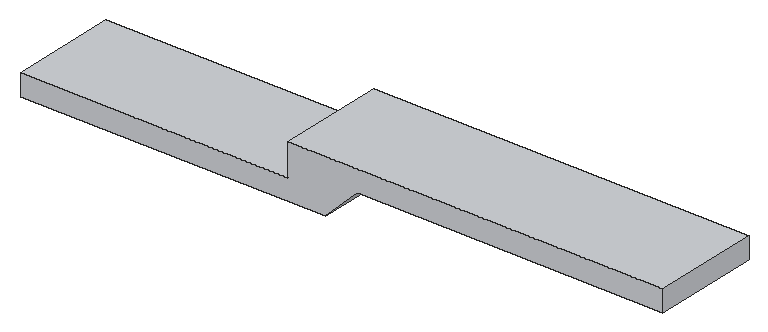
Revit family "SFND_Step Strip Footing", category Structural Foundations, Revit 2024
Family settings
  Material for Model Behavior = Other
  Cap = No
  Work Plane-Based = No
  Always vertical = Yes
  Cut with Voids When Loaded = No
  Shared = No
  Show family pre-cut in plan views = Yes
Parameters (values of type "Standard")
  Volume = Step Footing Width * (Step Footing Length * Thickness 1 + Step * Overlap + 0.5 * Step * Splay)  # 1.35 m³
  Thickness 2 = Thickness 1  # 200 mm
  Thickness 1 = 200 mm
  Structural Material [instance] = none
  Step = 300 mm
  Step Footing Width = 1000 mm
  Step Footing Length = 6000 mm
  Splay = Step  # 300 mm
  Overlap = 350 mm
  Length 1 = 2500 mm
  EA_Repath [instance] = 0 mm
  Depth = 800 mm
  Assembly Code = ""
Reference planes
  plane 1 "Center (Front/Back)": y = 0
  plane 2: z = 0
  plane 3 "Center (Left/Right)": x = 0
  plane 4: z = -500
  plane 5: z = -700
  plane 6: z = -1000
  plane 7: z = -800
  plane 8: x = -2500
  plane 9: x = 350
  plane 10: x = 650
  plane 11: x = 3500
  plane 12: y = 500
  plane 13: y = -500
Forms (mm)
  Extrusion 1, solid, material <- "Structural Material"
    sketch origin (0, 0, 0) x (1, 0, 0) y (0, 0, 1)
      loop
        line (-2500, -800) -> (-2500, -1000) -> (350, -1000) -> (650, -700) -> (3500, -700) -> (3500, -500) -> (0, -500) -> (0, -800) -> (-2500, -800)
    from -500 to 500
Dimensions and locks
  "Depth": plane 2 to plane 7
  "Thickness 1": plane 7 to plane 6
  "Thickness 2": plane 4 to plane 5
  "Length 1": plane 3 "Center (Left/Right)" to plane 8
  "Overlap": plane 9 to plane 3 "Center (Left/Right)"
  "Splay": plane 10 to plane 9
  "Step Footing Length": plane 11 to plane 8
  equal spacing: plane 13, plane 1 "Center (Front/Back)", plane 12
  "Step Footing Width": plane 13 to plane 12
  "Step": plane 4 to plane 7
  aligned and locked: Extrusion 1 sketch curve to plane 4
  aligned and locked: Extrusion 1 sketch curve to plane 11
  aligned and locked: Extrusion 1 sketch curve to plane 5
  aligned and locked: plane 9 to Extrusion 1 sketch curve
  aligned and locked: plane 10 to Extrusion 1 sketch curve
  aligned and locked: plane 5 to Extrusion 1 sketch curve
  aligned and locked: plane 11 to Extrusion 1 sketch curve
  aligned and locked: plane 8 to Extrusion 1 sketch curve
  aligned and locked: Extrusion 1 sketch curve to plane 8
  aligned and locked: plane 7 to Extrusion 1 sketch curve  (x2)
  aligned and locked: plane 6 to Extrusion 1 sketch curve
  aligned and locked: plane 3 "Center (Left/Right)" to Extrusion 1 sketch curve
  aligned and locked: Extrusion 1 to plane 12
  aligned and locked: Extrusion 1 to plane 13
